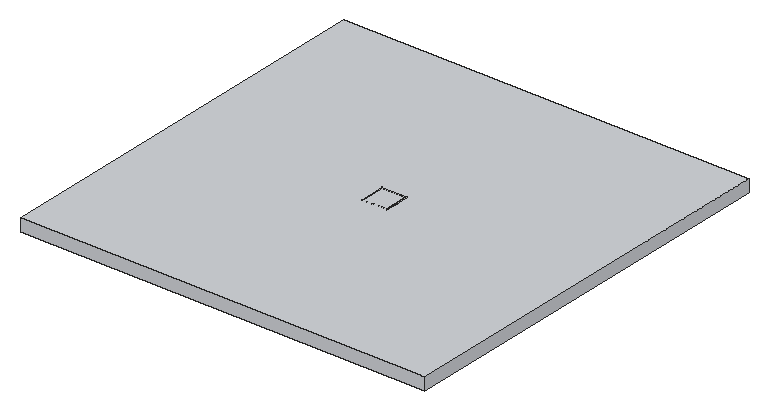
Revit family
Parameters (values of type "6" Sq. Strainer - 2" Drain")
  WFU = 0
  URL = "WWW.MIFAB.COM"
  Strainer Width = 6.000"
  Strainer Length = 6.000"
  Strainer Adjustment [instance] = 1.940"
  Pipe Radius = Pipe Diameter / 2  # 1.000"
  Pipe Diameter = 2.000"
  Model = "F1100-C-SHG"
  Manufacturer = "MIFAB"
  Floor Drain Material = Paint - Sherwin Williams Paint - #952C2A - Bellwood Red
  Domestic Cold Water Radius = 0.250"
  Description = "FLOOR DRAIN WITH SQUARE ADJUSTABLE HINGED STRAINER"
  Default Elevation = 0.000"
  CWFU = 0
  Body Height = 3.375"
  Assembly Code = ""
Types (11): name | URL | Strainer Width | Strainer Length | Strainer Adjustment | Pipe Radius | Pipe Diameter | Body Height
  (no name) | "WWW.MIFAB.COM" | 6.000" | 6.000" | 1.940" | 1.000" | 2.000" | 3.375"
  8" Sq. Strainer - 2" Drain | "WWW.MIFAB.COM" | 8.000" | 8.000" | 2.310" | 1.000" | 2.000" | 3.375"
  8" Sq. Strainer - 3" Drain | "WWW.MIFAB.COM" | 8.000" | 8.000" | 2.310" | 1.500" | 3.000" | 3.375"
  8" Sq. Strainer - 4" Drain | "WWW.MIFAB.COM" | 8.000" | 8.000" | 2.310" | 2.000" | 4.000" | 3.375"
  8" Sq. Strainer - 5" Drain | "WWW.MIFAB.COM" | 8.000" | 8.000" | 2.310" | 2.500" | 5.000" | 3.375"
  8" Sq. Strainer - 6" Drain | "WW.MIFAB.COM" | 8.000" | 8.000" | 2.310" | 2.750" | 5.500" | 4.750"
  6" Sq. Strainer - 2" Drain | "WWW.MIFAB.COM" | 6.000" | 6.000" | 1.940" | 1.000" | 2.000" | 3.375"
  6" Sq. Strainer - 3" Drain | "WWW.MIFAB.COM" | 6.000" | 6.000" | 1.940" | 1.500" | 3.000" | 3.375"
  6" Sq. Strainer - 4" Drain | "WWW.MIFAB.COM" | 6.000" | 6.000" | 1.940" | 2.000" | 4.000" | 3.375"
  6" Sq. Strainer - 5" Drain | "WWW.MIFAB.COM" | 6.000" | 6.000" | 1.940" | 2.500" | 5.000" | 3.375"
  6" Sq. Strainer - 6" Drain | "WWW.MIFAB.COM" | 6.000" | 6.000" | 1.940" | 2.750" | 5.500" | 4.750"
Reference planes (in)
  plane 1 "Center (Front/Back)": y = 0
  plane 2: z = 0
  plane 3 "Center (Left/Right)": x = 0
  plane 4: z = -2.31
  plane 5: y = -3
  plane 6: y = 3
  plane 7: y = 4
  plane 8: y = -4
  plane 9: y = -1
  plane 10: y = 1
  plane 11: x = -1.35387
  plane 12: x = 1.35387
  plane 13: x = 3
  plane 14: x = -3
  plane 15: z = -1.94
  plane 16: z = -5.315
Forms (in)
  Extrusion 1, solid
    sketch origin (0, 0, 0) x (1, 0, 0) y (0, 1, 0)
      loop
        line (-48, 48) -> (-48, -48) -> (48, -48) -> (48, 48) -> (-48, 48)
    from 0 to -3.00265
  Revolve 2, solid, material "Paint - Sherwin Williams Paint - #952C2A - Bellwood Red" <- "Floor Drain Material"
    sketch origin (0, 0.04396, 0) x (0, 1, 0) y (0, 0, 1)
      loop
        line (-2.91272, -2.31) -> (-4.04396, -2.31) -> (-4.04396, -2.57052) -> (-3.25269, -2.57052) -> (-3.25269, -3.78697) -> (-1.29396, -4.49575) -> (-1.29396, -5.315) -> (-1.04396, -5.315) -> (-1.04396, -4.40011) -> (-2.91272, -3.72389) -> (-2.91272, -2.31)
      axis (-0.04396, -2.31) -> (-0.04396, -5.315)
    angle from 0 to 360
  Revolve 3, solid, material "Paint - Sherwin Williams Paint - #952C2A - Bellwood Red" <- "Floor Drain Material"
    sketch origin (0, 0, 0) x (0, 1, 0) y (0, 0, 1)
      loop
        line (-4, -2.31) -> (-2.20674, -2.31) -> (-2.20674, -1.78742) -> (-2.29535, -1.78742) -> (-2.29535, -2.06) -> (-4, -2.06) -> (-4, -2.31)
      axis (0, -1.78742) -> (0, -2.31)
    angle from 0 to 360
  Revolve 4, solid, material "Paint - Sherwin Williams Paint - #952C2A - Bellwood Red" <- "Floor Drain Material"
    sketch origin (0.4375, 0, -0.4375) x (1, 0, 0) y (0, 0, 1)
      loop
        line (-4.4739, -2.56315) -> (-4.4739, -2.78928) -> (-4.05683, -2.78928) -> (-3.9201, -2.92601) -> (-3.2052, -2.92601) -> (-3.2052, -2.56315) -> (-4.4739, -2.56315)
      axis (-3.2052, -2.56315) -> (-4.4739, -2.56315)
    angle from 0 to 360
  Revolve 5, solid, material "Paint - Sherwin Williams Paint - #952C2A - Bellwood Red" <- "Floor Drain Material"
    sketch origin (0, 0, 0) x (0, 1, 0) y (0, 0, 1)
      loop
        line (-3, -0.30792) -> (-2.20674, -1.7711) -> (-2.20674, -2.31) -> (0, -2.31) -> (0, -0.30792) -> (-3, -0.30792)
      axis (0, -0.30792) -> (0, -2.31)
    angle from 0 to 360
  Extrusion 6, solid, material "Paint - Sherwin Williams Paint - #952C2A - Bellwood Red" <- "Floor Drain Material"
    sketch origin (0, 0, 0) x (1, 0, 0) y (0, 1, 0)
      loop
        line (-3, 3) -> (-3, -3) -> (3, -3) -> (3, 3) -> (-3, 3)
      loop
        line (-2.80469, 2.80469) -> (-2.80469, -2.80469) -> (2.80469, -2.80469) -> (2.80469, 2.80469) -> (-2.80469, 2.80469)
    from -0.30792 to 0
  Extrusion 7, solid, material "Paint - Sherwin Williams Paint - #952C2A - Bellwood Red" <- "Floor Drain Material"
    sketch origin (0, 0, 0) x (1, 0, 0) y (0, 1, 0)
      loop
        line (-2.80469, 2.80469) -> (-2.80469, -2.80469) -> (2.80469, -2.80469) -> (2.80469, 2.80469) -> (-2.80469, 2.80469)
    from -0.30792 to -0.3
  Extrusion 8, solid, material "Paint - Sherwin Williams Paint - #952C2A - Bellwood Red" <- "Floor Drain Material"
    sketch origin (0, 0, 0) x (1, 0, 0) y (0, 1, 0)
      loop
        line (-2.80469, 2.80469) -> (-2.80469, -2.80469) -> (2.80469, -2.80469) -> (2.80469, 2.80469) -> (-2.80469, 2.80469)
    from -0.30792 to 0
Cuts and joins
  joined: Revolve 5, Extrusion 7
  joined: Revolve 2, Revolve 4
Lines and regions (in)
  symbolic lines
    curve 1: line (-3, 3, 0) -> (3, 3, 0)
    curve 2: line (-3, -3, 0) -> (-3, 3, 0)
    curve 3: line (3, -3, 0) -> (-3, -3, 0)
    curve 4: line (3, 3, 0) -> (3, -3, 0)
    curve 5: circle (0, 0, 0) r 4 normal (0, 0, 1)
Dimensions and locks (in)
  equal spacing: plane 7, plane 1 "Center (Front/Back)", plane 8
  plane 7 to plane 8 = 8.000"
  equal spacing: plane 10, plane 1 "Center (Front/Back)", plane 9
  "Pipe Diameter": plane 10 to plane 9
  "Pipe Radius": plane 1 "Center (Front/Back)" to plane 9
  equal spacing: plane 11, plane 3 "Center (Left/Right)", plane 12
  equal spacing: plane 14, plane 3 "Center (Left/Right)", plane 13
  "Strainer Width": plane 14 to plane 13
  locked: plane 14 to Extrusion 6 sketch curve at 0.19531
  locked: Extrusion 6 sketch curve to plane 13 at 0.19531
  locked: plane 5 to Extrusion 6 sketch curve at 0.19531
  locked: plane 6 to Extrusion 6 sketch curve at 0.19531
  equal spacing: plane 6, plane 1 "Center (Front/Back)", plane 5
  "Strainer Length": plane 6 to plane 5
  "Strainer Adjustment": level to plane 15
  "Body Height": plane 15 to plane 16
  locked: plane 9 to Revolve 2 sketch curve at 0.25
  Revolve 2 sketch curve to Revolve 2 sketch curve to plane 8 = 0.33997" locked, 0.79127" locked
  locked: plane 1 "Center (Front/Back)" to Revolve 5 sketch curve at 2.20674
  Revolve 3 sketch curve to Revolve 3 sketch curve to plane 8 = 0.08861" locked, 1.70465" locked
  plane 3 "Center (Left/Right)" to Revolve 4 sketch curve to Revolve 4 sketch curve to Revolve 4 sketch curve to Revolve 4 sketch curve = 2.7677", 0.7149", 0.13673", 0.41707"
  Revolve 2 sketch curve to Revolve 2 sketch curve = 0.175"
  plane 15 to Revolve 4 sketch curve = 1.06065"
  Revolve 4 sketch curve to Revolve 4 sketch curve to Revolve 4 sketch curve = 0.22613", 0.13673"
  aligned and locked: plane 2 to Extrusion 1
  aligned and locked: level to Extrusion 1
  aligned and locked: plane 4 to Revolve 2 sketch curve
  aligned and locked: Revolve 2 to Revolve 3 sketch curve
  aligned and locked: Revolve 3 sketch curve to Revolve 2
  aligned and locked: plane 8 to Revolve 2 sketch curve
  aligned and locked: plane 1 "Center (Front/Back)" to Revolve 5 sketch curve
  aligned and locked: Revolve 5 sketch curve to Revolve 3
  aligned and locked: Revolve 5 sketch curve to plane 1 "Center (Front/Back)"
  aligned and locked: Revolve 5 sketch curve to Revolve 5 sketch curve
  aligned and locked: plane 5 to Revolve 5 sketch curve
  aligned: Extrusion 6 to plane 12
  aligned: Extrusion 6 to plane 11
  aligned and locked: Revolve 5 to Extrusion 6
  aligned and locked: level to Extrusion 6
  aligned and locked: plane 5 to Extrusion 6
  aligned and locked: plane 6 to Extrusion 6
  aligned and locked: plane 13 to Extrusion 6
  aligned and locked: plane 14 to Extrusion 6
  aligned and locked: Extrusion 6 to Extrusion 7
  aligned and locked: Revolve 2 sketch curve to plane 9
  aligned and locked: Extrusion 6 to Extrusion 7 sketch curve
  aligned and locked: Extrusion 7 sketch curve to Extrusion 6  (x3)
  aligned and locked: Extrusion 8 sketch curve to Extrusion 6  (x4)
  aligned and locked: Extrusion 6 to Extrusion 8
  aligned and locked: level to Extrusion 8
  aligned and locked: Revolve 4 sketch curve to Revolve 4 sketch curve
Automatic sketch dimensions
  Extrusion 1 sketch curve to Extrusion 1 sketch curve = 96.000"  (x2)
  Revolve 3 sketch curve to plane 1 "Center (Front/Back)" = 0.000"
  Revolve 3 sketch curve to level = 0.000"
  Revolve 3 sketch curve to Revolve 3 sketch curve = 2.08323"
  Revolve 3 sketch curve to Revolve 3 sketch curve = 0.250"
  Revolve 3 sketch curve to Revolve 3 sketch curve = 0.27258"
  plane 9 to Extrusion 6 sketch curve = 2.000"
  Extrusion 6 sketch curve to plane 3 "Center (Left/Right)" = 3.000"
  plane 3 "Center (Left/Right)" to Extrusion 6 sketch curve = 3.000"
  plane 10 to Extrusion 6 sketch curve = 2.000"
  plane 14 to Revolve 4 sketch curve = 0.2458"
  Revolve 4 sketch curve to Revolve 4 sketch curve = 0.3125"
  Revolve 5 sketch curve to Revolve 5 sketch curve = 0.66396"
  Revolve 5 sketch curve to Revolve 5 sketch curve = 1.250"
  Revolve 5 sketch curve to Revolve 5 sketch curve = 0.5389"
  Revolve 5 sketch curve to level = 0.30792"
  Revolve 2 sketch curve to plane 1 "Center (Front/Back)" = 0.000"
  Revolve 2 sketch curve to plane 16 = 0.000"  (x2)
  plane 16 to Revolve 2 sketch curve = 0.81925"
  Revolve 2 sketch curve to Revolve 2 sketch curve = 0.06308"
  Revolve 2 sketch curve to plane 4 = 0.26052"
  Revolve 2 sketch curve to plane 4 = 0.250"
  plane 5 to curve 3 = 0.000"
  curve 3 to plane 14 = 0.000"
  plane 1 "Center (Front/Back)" to curve 5 = 0.000"
  curve 5 to plane 3 "Center (Left/Right)" = 0.000"
  curve 4 to plane 6 = 0.000"
  curve 4 to plane 13 = 0.000"
  radius of curve 5 = 4.000"
Connectors (in)
  piping at (-4.0364, 0, -3.00065), driven by "Domestic Cold Water Radius", driven by "CWFU"
    settings: on Revolve 4, index 1, connector radius 1/4", flow factor 0, pipe flow 0 GPM, pressure drop 0.00 psi, fitting loss kfactor 0, connector angle 0.00°, fixture units 0, flow configuration 3, flow direction 1, fitting loss method 0, system type 20, connector reference index -1, connector utility 0, adjustable connector no, is connector primary yes, fitting loss table "", connector description "Domestic Cold Water In"
  piping at (0, 0, -5.315), driven by "Pipe Radius", driven by "WFU"
    settings: on Revolve 2, index 2, connector radius 1", flow factor 0, pipe flow 0 GPM, pressure drop 0.00 psi, fitting loss kfactor 0, connector angle 0.00°, fixture units 0, flow configuration 3, flow direction 2, fitting loss method 0, system type 16, connector reference index -1, connector utility 0, adjustable connector no, is connector primary no, fitting loss table "", connector description "Sanitary Out"
